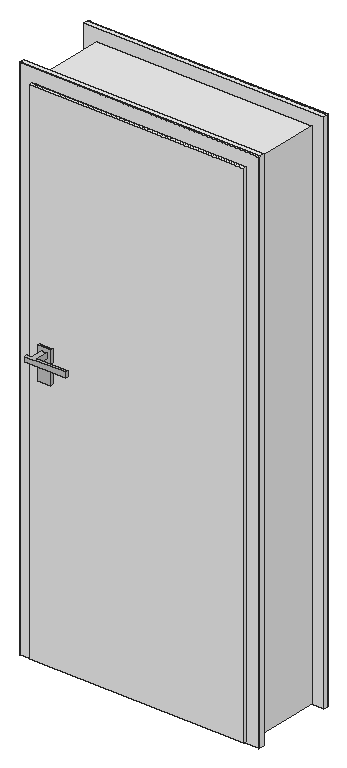
Revit family "cpl_1.1_osc_PS_pn", category Drzwi, Revit 2014
Parameters (values of type "pn 80")
  wysokość = 2016 mm
  szerokość = 800 mm
  Zakres szerokości muru [instance] = if(and(Grubość ściany > 94 mm, Grubość ściany < 120 mm), "B", (if(and(Grubość ściany > 119 mm, Grubość ściany < 140 mm), "C", (if(and(Grubość ściany > 139 mm, Grubość ściany < 160 mm), "D", (if(and(Grubość ściany > 159 mm, Grubość ściany < 180 mm), "E", (if(and(Grubość ściany > 179 mm, Grubość ściany < 200 mm), "F", (if(and(Grubość ściany > 199 mm, Grubość ściany < 220 mm), "G", (if(and(Grubość ściany > 219 mm, Grubość ściany < 240 mm), "H", (if(and(Grubość ściany > 239 mm, Grubość ściany < 260 mm), "I", (if(and(Grubość ściany > 259 mm, Grubość ściany < 280 mm), "J", (if(and(Grubość ściany > 279 mm, Grubość ściany < 301 mm), "K", "BRAK")))))))))))))))))))  # "K"
  Wysokość brutto = 2060 mm
  Szerokość brutto = 880 mm
  Model = "CPL 1.1"  # constant formula
  Klamka [instance] = yes
  Grubość ściany [instance] = 300 mm
  Funkcja = Wewnętrzna
  URL = "www.porta.com.pl"
  Ss = 844 mm
  Sb = 846 mm
  Producent = "PORTA KMI POLAND"  # constant formula
  Keynote = ""
  Opis = "Ościeżnica Porta System"
  Height = 0 mm
  Zakończenie ściany = Wg obiektu nadrzędnego
  Width = 0 mm
  Materiał skrzydło [instance] = Porta - biały
  Materiał ościeżnica [instance] = Porta - biały
  Materiał klamka [instance] = Porta - chrom
  Hs = 2030 mm
Types (6, lengths in mm): name | szerokość | Szerokość brutto | Ss | Sb
  (no name) | 800 | 880 | 844 | 846
  pn 80 | 800 | 880 | 844 | 846
  pn 90 | 900 | 980 | 944 | 946
  pn 100 | 1000 | 1080 | 1044 | 1046
  pn 70 | 700 | 780 | 744 | 746
  pn 60 | 600 | 680 | 644 | 646
Reference planes
  plane 1: y = 0
  plane 2 "Środek (Lewa/Prawa)": x = 0
  plane 3 "Lewy": x = -440
  plane 4 "Prawy": x = 440
  plane 5: z = 2060
  plane 6 "Zewnętrzna": y = 150
  plane 7 "Wewnętrzna": y = -150
  plane 8 "skrzydło": y = -144.5
  plane 9: y = -184.5
  plane 10: x = -354
Forms (mm)
  Sweep 1, solid, material "Porta - biały" <- "Materiał ościeżnica"
    path in 3D
      loop
        line (-440, -150, 0) -> (-440, -150, 2060) -> (440, -150, 2060) -> (440, -150, 0)
    profile origin (-440, -150, 1030) x (0, -1, 0) y (1, 0, 0)
      loop
        line (-10, 39) -> (-72, 39) -> (-72, 17) -> (0, 17) -> (0, -33) -> (16, -33)
        arc (16, -33) -> (18.121, -32.121) -> (19, -30) r 3
        line (19, -30) -> (19, 24)
        arc (19, 24) -> (18.121, 26.121) -> (16, 27) r 3
        line (16, 27) -> (-10, 27) -> (-10, 39)
  Sweep 2, solid, material "Porta - biały" <- "Materiał ościeżnica"
    path in 3D
      loop
        line (440, 150, 0) -> (440, 150, 2060) -> (-440, 150, 2060) -> (-440, 150, 0)
    profile origin (-440, 150, 1030) x (1, 0, 0) y (0, 1, 0)
      loop
        line (-33, 0) -> (17, 0) -> (17, -228) -> (39, -228) -> (39, -1)
        arc (39, -1) -> (37.536, 2.536) -> (34, 4) r 5
        line (34, 4) -> (25, 4) -> (25, 16)
        arc (25, 16) -> (24.121, 18.121) -> (22, 19) r 3
        line (22, 19) -> (-30, 19)
        arc (-30, 19) -> (-32.121, 18.121) -> (-33, 16) r 3
        line (-33, 16) -> (-33, 0)
Cuts and joins
  joined: Sweep 1, Sweep 2
Lines and regions (mm)
  Opening 1
    outline origin (-3050, -150, 0) x (1, 0, 0) y (0, 0, 1)
      loop
        line (2610, 0) -> (3490, 0) -> (3490, 2060) -> (2610, 2060) -> (2610, 0)
  sketch lines
    curve 1: line (-440, -150, 0) -> (-440, -150, 2060)
    curve 2: line (-440, -150, 2060) -> (440, -150, 2060)
    curve 3: line (440, -150, 2060) -> (440, -150, 0)
    curve 4: line (-440, 150, 2060) -> (-440, 150, 0)
    curve 5: line (440, 150, 2060) -> (-440, 150, 2060)
    curve 6: line (440, 150, 0) -> (440, 150, 2060)
  symbolic lines, style "Doors"
    curve 7: line (440, -184.5, 0) -> (440, -1028.5, 0)
    curve 8: line (440, -1028.5, 0) -> (400, -1028.5, 0)
    curve 9: line (400, -1028.5, 0) -> (400, -184.5, 0)
    curve 10: line (400, -184.5, 0) -> (440, -184.5, 0)
  symbolic lines
    curve 11: arc (-422, -184.5, 0) -> (-174.798, -781.298, 0) -> (422, -1028.5, 0) r 844
Text (mm)
  text "Zewnętrzna" at (-2295.016, 1099.543, 0), in view "Poziom odniesienia"
  text "Zewnętrzna" at (0, 1615.38, 3698.081), in view "Lewy"
  text "Zewnętrzna" at (0, 1036.032, 3874.932), in view "Prawy"
Dimensions and locks
  equal spacing: plane 3 "Lewy", plane 2 "Środek (Lewa/Prawa)", plane 4 "Prawy"
  "Szerokość brutto": plane 3 "Lewy" to plane 4 "Prawy"
  "Wysokość brutto": plane 5 to host wall
  host wall to plane 5 = 2060 mm  (x2)
  locked: plane 6 "Zewnętrzna" to host wall at 0
  locked: plane 7 "Wewnętrzna" to host wall
  "Sb": Sweep 1 to Sweep 1
  locked: Sweep 1 sketch curve to Sweep 1 sketch curve at 22
  Sweep 1 sketch curve to Sweep 1 sketch curve = 50 mm
  locked: Sweep 1 sketch curve to profile plane at 72
  locked: Sweep 2 sketch curve to Sweep 2 sketch curve at 50
  locked: Sweep 2 sketch curve to Sweep 2 sketch curve at 22
  locked: Sweep 2 sketch curve to plane 6 "Zewnętrzna" at 1
  locked: curve 9 to curve 7 at 40
  "Ss": curve 8 to curve 10
  plane 2 "Środek (Lewa/Prawa)" to curve 7 = 440 mm
  locked: plane 7 "Wewnętrzna" to plane 8 "skrzydło" at 5.5
  equal spacing: nested 1, plane 2 "Środek (Lewa/Prawa)", nested 1
  locked: nested 1 to level at 8
  "Grubość ściany": host wall to host wall
  locked: plane 8 "skrzydło" to plane 9 at 40
  locked: plane 3 "Lewy" to plane 10 at 86
  aligned and locked: plane 3 "Lewy" to Opening 1 sketch curve
  aligned and locked: plane 5 to Opening 1 sketch curve  (x2)
  aligned and locked: Opening 1 sketch curve to plane 4 "Prawy"
  aligned and locked: Opening 1 sketch curve to level
  aligned and locked: plane 1 to host wall
  aligned and locked: Sweep 1 to Sweep 2 sketch curve
  aligned and locked: Sweep 2 sketch curve to cut or joined group of Sweep 1, Sweep 2
  aligned and locked: nested 1 to plane 8 "skrzydło"
  aligned and locked: plane 4 "Prawy" to curve 7
  aligned and locked: plane 9 to curve 10
  aligned and locked: nested 3 to plane 8 "skrzydło"
  aligned and locked: plane 9 to nested 2
  aligned and locked: plane 10 to nested 2
  aligned and locked: nested 3 to plane 10
Automatic sketch dimensions
  profile plane to Sweep 1 sketch curve = 10 mm
  Sweep 1 sketch curve to profile plane = 16 mm  (x2)
  Sweep 1 sketch curve to Sweep 1 sketch curve = 3 mm
  profile plane to Sweep 1 sketch curve = 17 mm
  Sweep 1 sketch curve to Sweep 1 sketch curve = 7 mm
  Sweep 1 sketch curve to profile plane = 0 mm
  Sweep 2 sketch curve to profile plane = 0 mm
  Sweep 2 sketch curve to profile plane = 16 mm
  Sweep 2 sketch curve to Sweep 2 sketch curve = 3 mm
  Sweep 2 sketch curve to Sweep 2 sketch curve = 5 mm
  Sweep 2 sketch curve to profile plane = 4 mm
  Sweep 2 sketch curve to Sweep 2 sketch curve = 8 mm
  plane 9 to curve 11 = 0 mm
  plane 4 "Prawy" to curve 11 = 18 mm
Nested families
  nested 1: "skrzydło" at (0, -151, 0), type "skrzydło"
  nested 2: "KLAMKA" at (-344, -184.5, 1112), Materiał klamki <- "Materiał klamka", visible <- "Klamka", type "KLAMKA"
    with Materiał klamki Porta - chrom
  nested 3: "KLAMKA" at (-344, -144.5, 1112), Materiał klamki <- "Materiał klamka", visible <- "Klamka", type "KLAMKA"
    with Materiał klamki Porta - chrom
Definition of nested family "skrzydło"
  Parameters (values of type "skrzydło")
    Ss = 844 mm
    Materiał szklenie = none
    Materiał skrzydło = none
    Assembly Code = ""
    Hs = 2030 mm
  Reference planes
    plane 1 "Tył": y = 6.5
    plane 2: z = 0
    plane 3 "Środek (Lewa/Prawa)": x = 0
    plane 4 "Lewa": x = -422
    plane 5 "Prawa": x = 422
    plane 6 "Przód": y = -33.5
    plane 7: z = 2038
    plane 8 "Centrum": y = -13.5
    plane 9: z = 8
  Forms (mm)
    Extrusion 1, solid, material <- "Materiał skrzydło"
      sketch origin (0, -33.5, 0) x (-1, 0, 0) y (0, 0, 1)
        loop
          line (422, 2038) -> (-422, 2038) -> (-422, 8) -> (422, 8) -> (422, 2038)
      from 0 to 40
    Sweep 2, void
      path origin (0, 6.5, 0) x (1, 0, 0) y (0, 0, 1)
        loop
          line (422, 0) -> (422, 2038) -> (-422, 2038) -> (-422, 0)
      profile origin (-422, 6.5, 1019) x (0, -1, 0) y (1, 0, 0)
        loop
          line (0, 0) -> (26, 0) -> (26, 13) -> (0, 13) -> (0, 0)
  Cuts and joins
    Sweep 2 cuts Extrusion 1
  Dimensions and locks
    equal spacing: plane 4 "Lewa", plane 3 "Środek (Lewa/Prawa)", plane 5 "Prawa"
    "Ss": plane 4 "Lewa" to plane 5 "Prawa"
    locked: plane 9 to level at 8
    "Hs": plane 7 to plane 9
    equal spacing: plane 6 "Przód", plane 8 "Centrum", plane 1 "Tył"
    aligned and locked: Extrusion 1 sketch curve to plane 9
    aligned and locked: Extrusion 1 sketch curve to plane 5 "Prawa"
    aligned and locked: Extrusion 1 sketch curve to plane 4 "Lewa"
    aligned and locked: Sweep 2 sketch curve to plane 4 "Lewa"
    aligned and locked: Sweep 2 sketch curve to plane 7
    aligned and locked: Sweep 2 sketch curve to plane 5 "Prawa"
    aligned and locked: level to Sweep 2 sketch curve  (x2)
    aligned and locked: plane 7 to Extrusion 1 sketch curve
  Automatic sketch dimensions
    plane 1 "Tył" to Sweep 2 sketch curve = 0 mm
    Sweep 2 sketch curve to profile plane = 0 mm
    Sweep 2 sketch curve to Sweep 2 sketch curve = 26 mm
    Sweep 2 sketch curve to Sweep 2 sketch curve = 13 mm
Definition of nested family "KLAMKA"
  Parameters (values of type "KLAMKA")
    Materiał klamki [instance] = none
    Assembly Code = ""
    Default Elevation = 1219.2 mm
  Reference planes
    plane 1 "Center (Front/Back)": y = 0
    plane 2: z = 0
    plane 3 "Center (Left/Right)": x = -10
  Forms (mm)
    Extrusion 1, solid, material <- "Materiał klamki"
      sketch origin (0, 0, 0) x (1, 0, 0) y (0, 0, 1)
        loop
          line (-35, -25) -> (15, -25) -> (15, 25) -> (-35, 25) -> (-35, -25)
      from 0 to 10
    Extrusion 2, solid, material <- "Materiał klamki"
      sketch origin (0, 0, 0) x (1, 0, 0) y (0, 1, 0)
        loop
          line (-20, -10) -> (-20, -60) -> (-40, -60) -> (-40, -70) -> (120, -70) -> (120, -60) -> (0, -60) -> (0, -10) -> (-20, -10)
      from -10 to 10
    Extrusion 3, solid, material <- "Materiał klamki"
      sketch origin (0, 0, -8) x (1, 0, 0) y (0, 0, 1)
        loop
          line (-35, -92) -> (15, -92) -> (15, -42) -> (-35, -42) -> (-35, -92)
      from 0 to 10
  Dimensions and locks
    aligned and locked: Extrusion 1 to plane 1 "Center (Front/Back)"
